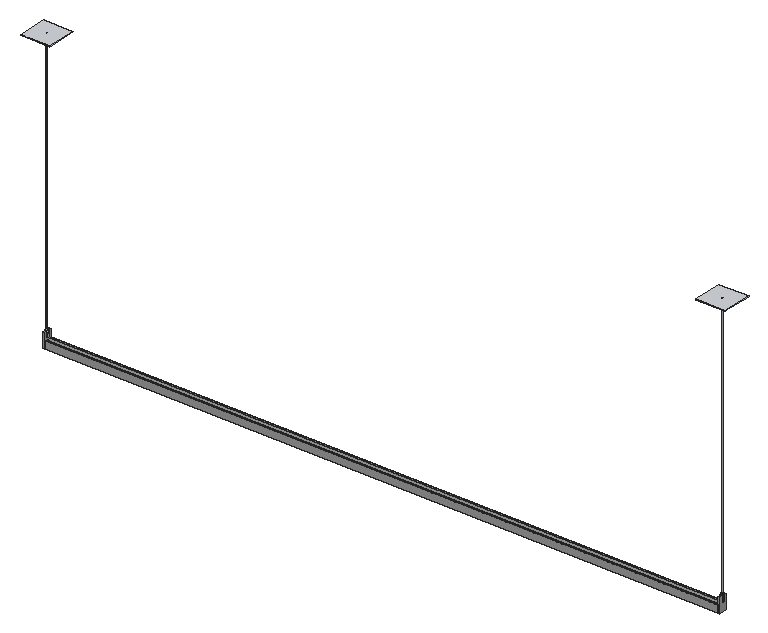
Revit family "Leesti Pendant Indirect 1' 2' 3' 4' 8' Revit Family 06-09-2017", category Lighting Fixtures, host Ceiling, Revit 2014
Parameters (values of type "Leesti Pendant Direct 8'")
  finish = Metal, Paint Finish, White, Matte
  Wattage = 9.2903 W
  built-in parameter 1150110 = 1 (stored number, unit not read)
  built-in parameter 1114217 = 1 (stored number, unit not read)
  Tilt Angle = 90.00°
  built-in parameter 1150109 = 1 (stored number, unit not read)
  built-in parameter 1150134 = 1
  built-in parameter 1150113 = 1 (stored number, unit not read)
  Run = 7' - 8 1/2"
  Photometric Web File = "Leesti Pendant Direct 4'.IES"
  built-in parameter 1150105 = 109.82 (stored number, unit not read)
  Lumens = 1380 lm
  built-in parameter 1150115 = 1 (stored number, unit not read)
  built-in parameter 1150137 = (empty or 0)
  built-in parameter 1150139 = (empty or 0)
  built-in parameter 1150112 = 1 (stored number, unit not read)
  built-in parameter 1150114 = 1 (stored number, unit not read)
  built-in parameter 1150132 = (empty or 0)
  built-in parameter 1150102 = (empty or 0)
  built-in parameter 1150107 = 6500 (stored number, unit not read)
  built-in parameter 1150138 = (empty or 0)
  built-in parameter 1150106 = 1.0982 (stored number, unit not read)
  Emit from Line Length = Run - 0' 0 1/2"  # 7' - 8"
  built-in parameter 1150104 = 13.8 (stored number, unit not read)
  Dimming Lamp Color Temperature Shift = <None>
  Color Filter = 16777215
  built-in parameter 1114218 = 1 (stored number, unit not read)
  built-in parameter 1150133 = 10 (stored number, unit not read)
  1st wire 8' = yes
  1st wire 4' = no
  1st wire 3' = no
  1st wire 2' = no
  1st wire 1' = no
Types (6): name | Run | Photometric Web File | Emit from Line Length | 1st wire 8' | 1st wire 4' | 1st wire 3' | 1st wire 2' | 1st wire 1'
  (no name) | 7' - 8 1/2" | "Leesti Pendant Direct 4'.IES" | 7' - 8" | yes | no | no | no | no
  Leesti Pendant Direct 2' | 2' - 0" | "Leesti Pendant Direct 2'.IES" | 1' - 11 1/2" | no | no | no | yes | no
  Leesti Pendant Direct 4' | 3' - 10 1/2" | "Leesti Pendant Direct 4'.IES" | 3' - 10" | no | yes | no | no | no
  Leesti Pendant Direct 1' | 1' - 1" | "Leesti Pendant Direct 1'.IES" | 1' - 0 1/2" | no | no | no | no | yes
  Leesti Pendant Direct 3' | 2' - 11 1/2" | "Leesti Pendant Direct 3'.IES" | 2' - 11" | no | no | yes | no | no
  Leesti Pendant Direct 8' | 7' - 8 1/2" | "Leesti Pendant Direct 4'.IES" | 7' - 8" | yes | no | no | no | no
Reference planes (in)
  plane 1 "Light Source Axis (F/B)": y = 0
  plane 2 "Ceiling": z = 38.40234
  plane 3 "Light Source Axis (L/R)": x = 0
  plane 4 "Light Source Elevation": z = 1
  plane 5: x = 46.25
  plane 6: x = -46.25
  plane 7: x = 46.125
  plane 8: x = -46.125
  plane 9: x = -40.125
  plane 10: x = 40.125
Forms (in)
  Extrusion 1, solid, material "Metal, Paint Finish, White, Matte" <- "finish"
    sketch origin (0, 0, 0) x (1, 0, 0) y (0, 1, 0)
      loop
        line (46.25, 0.5) -> (46, 0.5) -> (46, -0.5) -> (46.25, -0.5) -> (46.25, 0.5)
      loop
        line (-46.25, 0.5) -> (-46.25, -0.5) -> (-46, -0.5) -> (-46, 0.5) -> (-46.25, 0.5)
    from 0 to 2
  Extrusion 2, solid, material "Metal, Paint Finish, White, Matte" <- "finish"
    sketch origin (0, 0, 0) x (1, 0, 0) y (0, 1, 0)
      loop
        line (-46, 0.375) -> (-46, -0.375) -> (46, -0.375) -> (46, 0.375) -> (-46, 0.375)
    from 0.03125 to 0.10156
  Extrusion 3, solid, material "Metal, Paint Finish, White, Matte" <- "finish"
    sketch origin (0, 0, 0) x (1, 0, 0) y (0, 1, 0)
      loop
        line (-46, 0.5) -> (-46, 0.375) -> (46, 0.375) -> (46, 0.5) -> (-46, 0.5)
      loop
        line (-46, -0.5) -> (46, -0.5) -> (46, -0.375) -> (-46, -0.375) -> (-46, -0.5)
    from 0 to 1
  Extrusion 4, solid, material "Glass, Frosted, High Luminance"
    sketch origin (0, 0, 0.89844) x (1, 0, 0) y (0, 1, 0)
      loop
        line (-46, 0.375) -> (-46, -0.375) -> (46, -0.375) -> (46, 0.375) -> (-46, 0.375)
    from 0.03125 to 0.10156
  Extrusion 5, void
    sketch origin (0, 0, 0) x (1, 0, 0) y (0, 1, 0)
      loop
        line (46.25, 0.22) -> (46, 0.22) -> (46, -0.22) -> (46.25, -0.22) -> (46.25, 0.22)
      loop
        line (-46.25, 0.22) -> (-46.25, -0.22) -> (-46, -0.22) -> (-46, 0.22) -> (-46.25, 0.22)
    from 1.25 to 2
  Extrusion 6, solid
    sketch origin (0, 0, 0) x (1, 0, 0) y (0, 1, 0)
      loop
        circle (46.125, 0) r 0.19922
      loop
        circle (-46.125, 0) r 0.19922
    from 1.25 to 1.82813
  Extrusion 7, solid
    sketch origin (0, 0, 0) x (1, 0, 0) y (0, 1, 0)
      loop
        circle (46.125, 0) r 0.19531
      loop
        circle (-46.125, 0) r 0.19531
    from 1.82813 to 2.03906
  Extrusion 8, solid
    sketch origin (0, 0, 0) x (1, 0, 0) y (0, 1, 0)
      loop
        circle (46.125, 0) r 0.07031
      loop
        circle (-46.125, 0) r 0.07031
    from 2.03906 to 2.33984
  Extrusion 9, solid
    sketch origin (0, 0, 0) x (1, 0, 0) y (0, 1, 0)
      loop
        circle (46.125, 0) r 0.03906
      loop
        circle (-46.125, 0) r 0.03906
    from 2.33984 to 38.33984
  Extrusion 10, solid
    sketch origin (0, 0, 0) x (1, 0, 0) y (0, 1, 0)
      loop
        line (44.125, 2) -> (44.125, -2) -> (48.125, -2) -> (48.125, 2) -> (44.125, 2)
      loop
        line (-44.125, 2) -> (-48.125, 2) -> (-48.125, -2) -> (-44.125, -2) -> (-44.125, 2)
    from 38.33984 to 38.40234
Cuts and joins
  Extrusion 5 cuts Extrusion 1
  Extrusion 5 cuts Extrusion 2
  Extrusion 5 cuts Extrusion 4
Lines and regions (in)
  model lines, not visible
    curve 1: line (0, 15.49951, 41.99838) -> (0, 15.49951, 41.24838)
Dimensions and locks (in)
  equal spacing: host sketch curve, plane 3 "Light Source Axis (L/R)", host sketch curve
  equal spacing: host sketch curve, plane 1 "Light Source Axis (F/B)", host sketch curve
  host sketch curve to host sketch curve = 10' - 0"  (x2)
  equal spacing: plane 6, plane 3 "Light Source Axis (L/R)", plane 5
  "Run": plane 6 to plane 5
  locked: plane 7 to plane 5 at 0.125
  locked: plane 6 to plane 8 at 0.125
  locked: plane 7 to plane 10 at 6
  locked: plane 9 to plane 8 at 6
  aligned and locked: Extrusion 1 to Extrusion 2 sketch curve  (x2)
  aligned and locked: Extrusion 1 to Extrusion 3 sketch curve
  aligned and locked: Extrusion 3 sketch curve to Extrusion 2  (x2)
  aligned and locked: Extrusion 3 sketch curve to Extrusion 1
  aligned and locked: Extrusion 1 to Extrusion 5 sketch curve  (x2)
  aligned and locked: plane 6 to Extrusion 5 sketch curve
  aligned and locked: Extrusion 5 sketch curve to cut or joined group of Extrusion 1, Extrusion 5
Automatic sketch dimensions
  Extrusion 1 sketch curve to plane 6 = 0' - 0"
  Extrusion 1 sketch curve to plane 5 = 0' - 0"
  Extrusion 1 sketch curve to Extrusion 1 sketch curve = 0' - 0 1/4"  (x2)
  plane 1 "Light Source Axis (F/B)" to Extrusion 1 sketch curve = 0' - 0 1/2"  (x2)
  Extrusion 1 sketch curve to plane 1 "Light Source Axis (F/B)" = 0' - 0 1/2"  (x2)
  plane 1 "Light Source Axis (F/B)" to Extrusion 2 sketch curve = 0' - 0 3/8"
  Extrusion 2 sketch curve to plane 1 "Light Source Axis (F/B)" = 0' - 0 3/8"
  plane 1 "Light Source Axis (F/B)" to Extrusion 3 sketch curve = 0' - 0 1/2"
  Extrusion 3 sketch curve to Extrusion 3 sketch curve = 0' - 0 1/8"  (x2)
  Extrusion 3 sketch curve to plane 1 "Light Source Axis (F/B)" = 0' - 0 3/8"
  plane 6 to Extrusion 4 sketch curve = 0' - 0 1/4"
  Extrusion 4 sketch curve to plane 5 = 0' - 0 1/4"
  plane 1 "Light Source Axis (F/B)" to Extrusion 4 sketch curve = 0' - 0 3/8"
  Extrusion 4 sketch curve to plane 1 "Light Source Axis (F/B)" = 0' - 0 3/8"
  plane 1 "Light Source Axis (F/B)" to Extrusion 5 sketch curve = 0' - 0.22"  (x2)
  Extrusion 5 sketch curve to plane 1 "Light Source Axis (F/B)" = 0' - 0.22"  (x2)
  plane 1 "Light Source Axis (F/B)" to Extrusion 6 sketch curve = 0' - 0"  (x2)
  Extrusion 6 sketch curve to plane 8 = 0' - 0"
  Extrusion 6 sketch curve to plane 7 = 0' - 0"
  plane 1 "Light Source Axis (F/B)" to Extrusion 7 sketch curve = 0' - 0"  (x2)
  Extrusion 7 sketch curve to plane 8 = 0' - 0"
  Extrusion 7 sketch curve to plane 7 = 0' - 0"
  plane 1 "Light Source Axis (F/B)" to Extrusion 8 sketch curve = 0' - 0"  (x2)
  Extrusion 8 sketch curve to plane 8 = 0' - 0"
  Extrusion 8 sketch curve to plane 7 = 0' - 0"
  plane 1 "Light Source Axis (F/B)" to Extrusion 9 sketch curve = 0' - 0"  (x2)
  Extrusion 9 sketch curve to plane 8 = 0' - 0"
  Extrusion 9 sketch curve to plane 7 = 0' - 0"
  Extrusion 10 sketch curve to plane 6 = 0' - 1 7/8"
  plane 5 to Extrusion 10 sketch curve = 0' - 1 7/8"
  plane 1 "Light Source Axis (F/B)" to Extrusion 10 sketch curve = 0' - 2"  (x2)
  Extrusion 10 sketch curve to plane 1 "Light Source Axis (F/B)" = 0' - 2"  (x2)
  Extrusion 10 sketch curve to plane 7 = 0' - 2"
  plane 8 to Extrusion 10 sketch curve = 0' - 2"
  curve 1 to curve 1 = 0' - 0 3/4"
  radius of Extrusion 6 sketch curve = 0' - 0 51/256"  (x2)
  radius of Extrusion 7 sketch curve = 0' - 0 25/128"  (x2)
  radius of Extrusion 8 sketch curve = 0' - 0 9/128"  (x2)
  radius of Extrusion 9 sketch curve = 0' - 0 5/128"  (x2)
